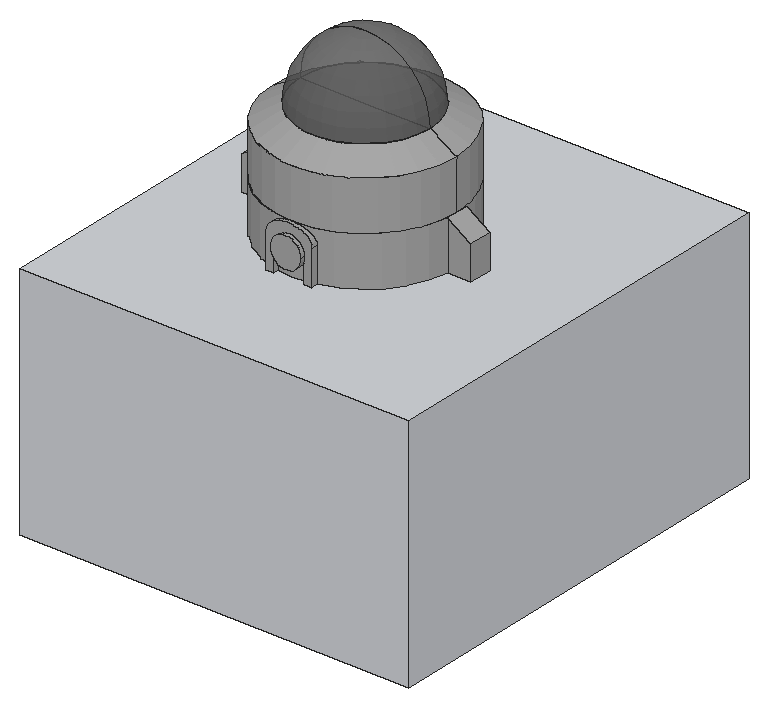
Revit family
Parameters (values of type "Standard")
  z Type = 1
  z Dome Radius = 2.125"
  z Dome Height Offset [instance] = if(Has Ceiling Mount, 0.500", z Base Height + 1.625")  # 3.750"
  z Dome Clear Visible [instance] = no
  z Bracket Radius = z Dome Radius + 1.250"  # 3.375"
  z Base is Visible [instance] = not(Has Ceiling Mount)  # yes
  z Base Radius = 3.000"
  z Base Height = 2.125"
  Width = 7.53125"
  Wide Dynamic Range (Super Dynamic) = yes
  Weight = 3.52738 lbf
  Voltage DC = 12 V
  Vandal Resistant = yes
  URL = "http://security.panasonic.com/pss/security/"
  Tilting Range = "+75 to -75"
  Storage Temperature = "14°F - 122°F"  # constant formula
  Regulatory Compliance = "UL 60950-1, FCC Part 15 Class A, C-UL CAN/CSA C22.2 No.60950-1, ICES 003 Class A"
  Provide Feedback = "https://www.surveymonkey.com/s/95FL6QY"
  Product Page URL = "http://panasonic.net/pss/security/products/hd/wv-sw352/index.html"
  Product Material = Paint - Panasonic - Silver
  Product Documentation Link = "http://business.panasonic.co.uk/professional-camera/sites/default/files/professional-camera/specsheet_uploads/WV-SW355-352.pdf"
  Power Active = 0.0 W
  Part Number = Model  # "WV-SW352"
  Part Description = Description  # "Security Camera, Fixed Dome, Vandal Resistant, Super Dynamic, Network"
  Panning Range = "+180 to -160"
  Original Creation Date = "August 13, 2012"
  Operational Temperature = "14°F - 122°F"  # constant formula
  Operational Humidity = "90% or less (without condensation)"
  Mounting Positions = "Mount Dependent"
  Model Disclaimer = "Contact Panasonic for more information"  # constant formula
  Model = "WV-SW352"
  Minimum Illumination = 0.2 lx
  Manufacturer = "Panasonic"  # constant formula
  Lens Mount = "N/A"
  Indoor Or Outdoor = "Outdoor"
  IP Or Analog = "IP"
  Height = 5.750"
  Has POE = yes
  Has Heater Unit [instance] = no
  Has Ceiling Mount [instance] = no
  Family Version = "1.0.0"  # constant formula
  Equipment Number [instance] = ""
  Equipment Abbreviation = "SC"
  Dome Part Number = "WV-CW4S"  # constant formula
  Diameter = 6.46875"
  Description = "Security Camera, Fixed Dome, Vandal Resistant, Super Dynamic, Network"
  Default Elevation = 0.000"
  Day Or Night = "Yes"
  Date Last Modified = "August 13, 2012"
  Copyright = "Copyright © Panasonic"  # constant formula
  Communication Ports = "10Base-T / 100Base-TX, RJ-45"
  Audio Out = "Yes"
  Audio In = "Yes"
  Angle Of View = "100.8"
  Alarm Input Or Output Specification = "ALARM IN, DAY/NIGHT IN, ALARM OUT, AUX OUT"
  Accessory Part Number [instance] = if(and(Has Heater Unit, Has Ceiling Mount), "WV-Q169,WV-SW3H", if(Has Ceiling Mount, "WV-Q169", if(Has Heater Unit, "WV-SW3H", "Select One Option")))  # "Select One Option"
Types (3): name | z Type | z Dome Height Offset | z Base is Visible | Product Page URL | Part Number | Part Description | Model | Has Ceiling Mount | Description | Accessory Part Number
  (no name) | 1 | 3.750" | yes | "http://panasonic.net/pss/security/products/hd/wv-sw352/index.html" | "WV-SW352" | "Security Camera, Fixed Dome, Vandal Resistant, Super Dynamic, Network" | "WV-SW352" | no | "Security Camera, Fixed Dome, Vandal Resistant, Super Dynamic, Network" | "Select One Option"
  HD | 2 | 0.500" | no | "http://panasonic.net/pss/security/products/hd/wv-sw355/index.html" | "WV-SW355" | "Security Camera, Fixed Dome, Vandal Resistant, Super Dynamic, Network, HD" | "WV-SW355" | yes | "Security Camera, Fixed Dome, Vandal Resistant, Super Dynamic, Network, HD" | "WV-Q169"
  Standard | 1 | 3.750" | yes | "http://panasonic.net/pss/security/products/hd/wv-sw352/index.html" | "WV-SW352" | "Security Camera, Fixed Dome, Vandal Resistant, Super Dynamic, Network" | "WV-SW352" | no | "Security Camera, Fixed Dome, Vandal Resistant, Super Dynamic, Network" | "Select One Option"
Reference planes (in)
  plane 1 "Center (Front/Back)": y = 0
  plane 2: z = 0
  plane 3 "Center (Left/Right)": x = 0
  plane 4: z = 1.625
  plane 5: x = -3
  plane 6: x = -2.125
  plane 7: z = 3.75
  plane 8: z = 3.25
  plane 9: z = 5.875
  plane 10: x = -3.75
  plane 11: x = 3.75
  plane 12: z = 1.125
  plane 13: x = 3
  plane 14: x = 2.125
  plane 15: x = -2.75
  plane 16: y = 0.375
  plane 17: y = -0.375
  plane 18: x = 2.75
  plane 19: x = -0.75
  plane 20: x = 0.75
  plane 21: z = 0.8125
  plane 22: y = -3.125
  plane 23: y = -2.75
  plane 24: y = -3.25
  plane 25: z = 0
Forms (in)
  Extrusion 1, solid
    sketch origin (0, 0, 0) x (1, 0, 0) y (0, 1, 0)
      loop
        line (-5.65138, 6.85016) -> (-5.65138, -7.02141) -> (7.02141, -7.02141) -> (7.02141, 6.85016) -> (-5.65138, 6.85016)
    from 0 to -7.78407
  Revolve 2, solid, material "Paint - Panasonic - Silver" <- "Product Material", visible <- "z Base is Visible"
    sketch origin (0, 0, 0) x (1, 0, 0) y (0, 0, 1)
      loop
        line (0, 1.625) -> (0, 3.75) -> (-2.125, 3.75) -> (-3, 3.25) -> (-3, 1.625) -> (0, 1.625)
      axis (0, 3.75) -> (0, 1.625)
    angle from 0 to 360
  Revolve 3, solid, material "Glass - Panasonic - Smoked"
    sketch origin (0, 0, 0) x (1, 0, 0) y (0, 0, 1)
      loop
        line (-2.125, 3.75) -> (0, 3.75) -> (0, 5.875)
        arc (0, 5.875) -> (-1.5026, 5.2526) -> (-2.125, 3.75) r 2.125
      axis (0, 5.875) -> (0, 3.75)
    angle from 0 to 360
  Extrusion 4, solid, material "Paint - Panasonic - Silver" <- "Product Material", visible <- "z Base is Visible"
    sketch origin (0, 0, 0) x (1, 0, 0) y (0, 1, 0)
      loop
        circle (0, 0) r 3
    from 0 to 1.625
  Extrusion 5, solid, material "Paint - Panasonic - Silver" <- "Product Material", visible <- "z Base is Visible"
    sketch origin (0, 0, 0) x (1, 0, 0) y (0, 0, 1)
      loop
        line (-3.75, 1.125) -> (-3.75, 0) -> (-2.75, 0) -> (-2.75, 1.625) -> (-3, 1.625) -> (-3.75, 1.125)
      loop
        line (3, 1.625) -> (2.75, 1.625) -> (2.75, 0) -> (3.75, 0) -> (3.75, 1.125) -> (3, 1.625)
    from -0.375 to 0.375
  Extrusion 6, solid, material "Paint - Panasonic - Silver" <- "Product Material", visible <- "z Base is Visible"
    sketch origin (0, 0, 0) x (1, 0, 0) y (0, 0, 1)
      loop
        line (-0.75, 0) -> (-0.5, 0) -> (-0.5, 0.8125)
        arc (-0.5, 0.8125) -> (0, 1.3125) -> (0.5, 0.8125) r 0.5
        line (0.5, 0.8125) -> (0.5, 0) -> (0.75, 0) -> (0.75, 1.125)
        spline (0.75, 1.125) -> (0.72444, 1.25441) -> (0.64952, 1.375) -> (0.53033, 1.47855) -> (0.375, 1.55801) -> (0.19411, 1.60796) -> (0, 1.625) -> (-0.19411, 1.60796) -> (-0.375, 1.55801) -> (-0.53033, 1.47855) -> (-0.64952, 1.375) -> (-0.72444, 1.25441) -> (-0.75, 1.125)
        line (-0.75, 1.125) -> (-0.75, 0)
    from 2.75 to 3.125
  Extrusion 7, solid, material "Paint - Panasonic - Silver" <- "Product Material", visible <- "z Base is Visible"
    sketch origin (0, 0, 0) x (1, 0, 0) y (0, 0, 1)
      loop
        circle (0, 0.8125) r 0.5
    from 2.75 to 3.25
Cuts and joins
  joined: Extrusion 4, Extrusion 5, Extrusion 6, Extrusion 7
Lines and regions (in)
  Masking region 1, visible <- "z Base is Visible"
    outline origin (0, 0, 0) x (1, 0, 0) y (0, 1, 0)
      loop
        circle (0, 0) r 3
  Masking region 2, visible <- "Has Ceiling Mount"
    outline origin (0, 0, 0) x (1, 0, 0) y (0, 1, 0)
      loop
        circle (0, 0) r 3.695
  symbolic lines, style "SecurityDevices", detail levels fine
    curve 1: circle (0, 0, 0) r 2.125 normal (0, 0, 1)
Dimensions and locks (in)
  "z Base Height": plane 7 to plane 4
  "z Base Radius": plane 3 "Center (Left/Right)" to plane 5
  locked: plane 7 to plane 8 at 0.5
  "z Dome Radius": plane 3 "Center (Left/Right)" to plane 6
  "z Dome Radius": plane 9 to plane 7
  "z Dome Height Offset": plane 7 to plane 2
  equal spacing: plane 5, plane 3 "Center (Left/Right)", plane 13
  equal spacing: plane 14, plane 3 "Center (Left/Right)", plane 6
  plane 1 "Center (Front/Back)" to plane 16 = 0.375"
  locked: plane 5 to plane 15 at 0.25
  locked: plane 18 to plane 13 at 0.25
  plane 22 to plane 23 = 0.375"
  locked: plane 24 to plane 22 at 0.125
  plane 4 to plane 12 to plane 21 to plane 25 = 0.500" locked, 0.3125" locked, 0.8125" locked
  "z Base Radius": radius of Masking region 1 sketch curve
  "z Base Radius": radius of Extrusion 4 sketch curve
  aligned and locked: plane 2 to Extrusion 1
  aligned and locked: level to Extrusion 1
  aligned and locked: plane 5 to Revolve 2 sketch curve
  aligned and locked: plane 8 to Revolve 2 sketch curve
  aligned and locked: plane 6 to Revolve 2 sketch curve
  aligned and locked: plane 4 to Revolve 2 sketch curve
  aligned and locked: Revolve 2 sketch curve to plane 3 "Center (Left/Right)"
  aligned and locked: plane 7 to Revolve 2 sketch curve
  aligned and locked: Revolve 2 sketch curve to plane 5
  aligned and locked: plane 3 "Center (Left/Right)" to Revolve 3 sketch curve
  aligned and locked: plane 7 to Revolve 3 sketch curve
  aligned and locked: plane 3 "Center (Left/Right)" to Extrusion 4 sketch curve
  aligned and locked: plane 1 "Center (Front/Back)" to Extrusion 4 sketch curve
  aligned and locked: plane 4 to Extrusion 4
  aligned and locked: plane 12 to Extrusion 5 sketch curve  (x2)
  aligned and locked: plane 13 to Extrusion 5 sketch curve
  aligned and locked: plane 4 to Extrusion 5 sketch curve  (x3)
  aligned and locked: plane 10 to Extrusion 5 sketch curve
  aligned and locked: Extrusion 5 sketch curve to plane 10
  aligned and locked: Extrusion 5 sketch curve to plane 11
  aligned and locked: plane 16 to Extrusion 5
  aligned and locked: plane 17 to Extrusion 5
  aligned and locked: plane 18 to Extrusion 5 sketch curve
  aligned and locked: Extrusion 5 sketch curve to plane 15
  aligned and locked: Extrusion 6 sketch curve to plane 19
  aligned and locked: Extrusion 6 sketch curve to plane 20
  aligned and locked: Extrusion 6 to plane 23
  aligned and locked: plane 22 to Extrusion 6
  aligned and locked: plane 21 to Extrusion 7 sketch curve
  aligned and locked: plane 3 "Center (Left/Right)" to Extrusion 7 sketch curve
  aligned and locked: Extrusion 7 to plane 23
  aligned and locked: Extrusion 7 to plane 24
  aligned and locked: plane 25 to Extrusion 5 sketch curve  (x2)
  aligned and locked: plane 25 to Extrusion 6 sketch curve
  aligned and locked: Extrusion 6 sketch curve to plane 25
  aligned and locked: cut or joined group of Extrusion 4, Extrusion 5, Extrusion 6, Extrusion 7 to plane 25
Automatic sketch dimensions
  Extrusion 1 sketch curve to Extrusion 1 sketch curve = 12.67279"
  Extrusion 1 sketch curve to Extrusion 1 sketch curve = 13.87157"
  Revolve 2 sketch curve to plane 3 "Center (Left/Right)" = 0.000"
  plane 8 to Revolve 2 sketch curve = 0.11875"
  Revolve 2 sketch curve to Revolve 2 sketch curve = 0.250"
  Revolve 3 sketch curve to plane 6 = 0.000"
  Revolve 3 sketch curve to plane 3 "Center (Left/Right)" = 0.000"
  Revolve 3 sketch curve to Revolve 3 sketch curve = 0.82961"
  Revolve 3 sketch curve to Revolve 3 sketch curve = 0.250"
  plane 1 "Center (Front/Back)" to Masking region 1 sketch curve = 0.000"
  Masking region 1 sketch curve to plane 3 "Center (Left/Right)" = 0.000"
  plane 5 to Extrusion 5 sketch curve = 0.000"
  Extrusion 6 sketch curve to plane 21 = 0.000"
  Extrusion 6 sketch curve to plane 3 "Center (Left/Right)" = 0.000"
  Extrusion 6 sketch curve to plane 12 = 0.000"
  Extrusion 6 sketch curve to plane 19 = 0.250"
  plane 1 "Center (Front/Back)" to curve 1 = 0.000"
  curve 1 to plane 3 "Center (Left/Right)" = 0.000"
  plane 1 "Center (Front/Back)" to Masking region 2 sketch curve = 0.000"
  Masking region 2 sketch curve to plane 3 "Center (Left/Right)" = 0.000"
  radius of Extrusion 7 sketch curve = 0.500"
  radius of curve 1 = 2.125"
  radius of Masking region 2 sketch curve = 3.695"
Nested families (in)
  nested 1: "Mount - Camera-Security-Panasonic-Fixed_Dome" at (0, 0, 0), Has Ceiling Mount <- "Has Ceiling Mount", Dome Radius <- "z Dome Radius", Product Material <- "Product Material", type "Mount"
    with z Bracket Radius 3.695", Product Material Paint - Panasonic - Silver, Has Ceiling Mount no, Equipment Number "", Dome Radius 2.125"
Connectors (in)
  electrical at (0, -1.5141, 0), driven by "Power Active"
    settings: on cut or joined group of Extrusion 4, Extrusion 5, Extrusion 6, Extrusion 7, index 1, voltage 0 V, apparent load 0.0 W, apparent load phase1 0.0 W, apparent load phase2 0.0 W, apparent load phase3 0.0 W, power factor 1, load classification "Other", number of poles 1, system type 30, power factor state 1, is connector primary yes, connector utility no, sub classification motor no, connector description "Electrical Connector"
Definition of nested family "Mount - Camera-Security-Panasonic-Fixed_Dome"
  Parameters (values of type "Mount")
    z Bracket Radius [instance] = Dome Radius + 1.570"  # 3.820"
    URL = "http://panasonic.net"
    Provide Feedback = "https://www.surveymonkey.com/s/95FL6QY"
    Product Material [instance] = Paint - Panasonic - Silver
    Product Documentation Link = ""
    Part Number = Model  # "WV-Q175"
    Part Description = ""
    Original Creation Date = "*8/13/2012"
    Model Disclaimer = "*Contact Panasonic for more information"
    Model = "WV-Q175"
    Manufacturer = "*Panasonic"
    Keynote = ""
    Has Ceiling Mount [instance] = yes
    Family Version = "*1.0.0"
    Equipment Number [instance] = ""
    Equipment Abbreviation = ""
    Dome Radius [instance] = 2.250"
    Default Elevation = 0.000"
    Date Last Modified = "*8/13/2012"
    Copyright = "*Copyright © Panasonic"
    Assembly Code = ""
  Reference planes (in)
    plane 1 "Center (Front/Back)": y = 0
    plane 2: z = 0
    plane 3 "Center (Left/Right)": x = 0
    plane 4: z = 0.5
    plane 5: z = 0.125
    plane 6: x = -3.82
    plane 7: z = 0
    plane 8: x = -2.25
    plane 9: z = 0.32
    plane 10: z = 4.32
    plane 11: z = 3.146
    plane 12: z = 3.814
    plane 13: z = -3.63
    plane 14: z = -3.24904
    plane 15: z = -3.12404
    plane 16: z = 5.5
    plane 17: z = 7.75
    plane 18: y = -2.75
    plane 19: y = 2.75
    plane 20: z = 0.5
    plane 21: y = -1.56732
    plane 22: y = 1.33268
    plane 23: x = 3.05
    plane 24: x = 3.25
    plane 25: x = 3.1565
    plane 26: y = -3.25
    plane 27: y = -3
    plane 28: x = 2.9065
    plane 29: x = 3.7815
    plane 30: x = -3.7815
    plane 31: y = 0.375
    plane 32: y = -0.375
  Forms (in)
    Extrusion 1, solid
      sketch origin (0, 0, 0) x (1, 0, 0) y (0, 1, 0)
        loop
          line (-48, 48) -> (-48, -48) -> (48, -48) -> (48, 48) -> (-48, 48)
      from 0 to -12
    Revolve 2, solid, visible <- "Has Ceiling Mount"
      sketch origin (0, 0, 0) x (1, 0, 0) y (0, 0, 1)
        loop
          line (-3.82, 0.125) -> (-3.82, 0) -> (-2.25, 0) -> (-2.25, 0.5) -> (-3.82, 0.125)
        axis (0, 0) -> (0, 0.5)
      angle from 0 to 360
  Lines and regions (in)
    Masking region 1, visible <- "Has Ceiling Mount"
      outline origin (0, 0, 0) x (1, 0, 0) y (0, 1, 0)
        loop
          circle (0, 0) r 3.82
  Dimensions and locks (in)
    locked: plane 5 to plane 7 at 0.125
    locked: plane 4 to plane 7 at 0.5
    locked: plane 6 to plane 8 at 1.57
    "Dome Radius": plane 3 "Center (Left/Right)" to plane 8
    plane 16 to Extrusion 1 = 5.500"
    locked: plane 21 to plane 22 at 2.9
    "z Bracket Radius": radius of Masking region 1 sketch curve
    aligned and locked: plane 2 to Extrusion 1
    aligned and locked: level to Extrusion 1
  Automatic sketch dimensions
    Extrusion 1 sketch curve to Extrusion 1 sketch curve = 96.000"  (x2)
    Revolve 2 sketch curve to plane 5 = 0.000"
    plane 6 to Revolve 2 sketch curve = 0.000"
    Revolve 2 sketch curve to level = 0.000"
    Revolve 2 sketch curve to plane 8 = 0.000"
    Revolve 2 sketch curve to plane 3 "Center (Left/Right)" = 0.000"
    Revolve 2 sketch curve to plane 4 = 0.000"
    plane 4 to Revolve 2 sketch curve = 0.13987"
    Revolve 2 sketch curve to Revolve 2 sketch curve = 0.17601"
    plane 1 "Center (Front/Back)" to Masking region 1 sketch curve = 0.000"
    Masking region 1 sketch curve to plane 3 "Center (Left/Right)" = 0.000"
